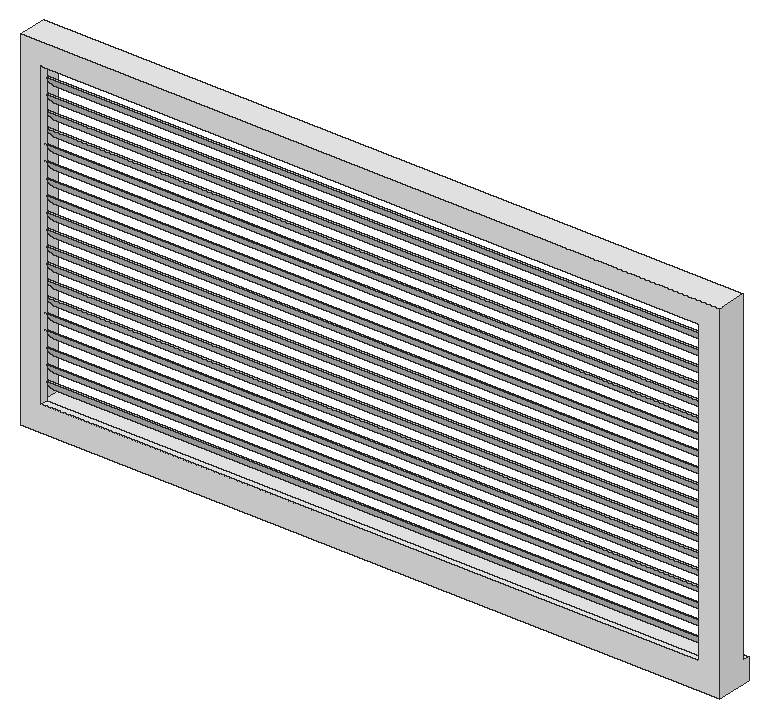
Revit family
Parameters
  Wrap Layers (Int) from Ext = 177.5 mm
  Wrap Layers (Ext) from Ext = 102.5 mm
  Vis - Cavity Closers = yes
  Type Comments = "AG"
  Rough Width = Width  # 2000.0 mm
  Rough Height = Height  # 1000.0 mm
  Operation = "SinglePanel"
  No of Louvre Blades = 20
  Material Louvres = Window Louvres
  Material Frame = Window Frame
  Manufacturer = "Revit"
  Louvre Blade Width = 50.0 mm
  Keynote = "L10"
  Height = 1000.0 mm
  Wall Closure = (empty or 0)
  Width = 2000.0 mm
  FrameOffset - External = 50.0 mm
  Frame Width = 40.0 mm
  Frame Depth = 65.0 mm
  Default Head Height = 4000.0 mm
  DONT CHANGE Louvre Length = Width - (2 * Frame Width)  # 1920.0 mm
  Cill Depth = 20.0 mm
  Cavity Closer Width = 50.0 mm
  Cavity Closer Offset from Ext = 102.5 mm
  Cavity Closer Depth = 85.0 mm
  Assembly Code = ""
Reference planes
  plane 1: y = 0
  plane 2 "Center (Left/Right)": x = -290
  plane 3 "Left": x = -1290
  plane 4 "Right": x = 710
  plane 5 "Cill": z = 4000
  plane 6 "Head": z = 5000
  plane 7 "Exterior": y = 158.457
  plane 8 "Interior": y = -141.543
  plane 9 "Back of Window": y = 43.457
  plane 10 "Wall Closure": y = 55.957
  plane 11 "Front Cill": y = 128.457
  plane 12 "Ext Leaf Back": y = 55.957
  plane 13 "Face Window": y = 108.457
  plane 14: y = -19.043
Forms (mm)
  Extrusion 1, solid, material "Window Frame" <- "Material Frame"
    sketch origin (-290, 0, 0) x (0, 1, 0) y (0, 0, 1)
      loop
        line (25.457, 4000) -> (128.457, 4000) -> (128.457, 4063) -> (43.457, 4063) -> (43.457, 4075) -> (25.457, 4075) -> (25.457, 4000)
    from 1000 to -1000
  Sweep 2, solid, material "Window Frame" <- "Material Frame"
    path origin (0, 43.457, 0) x (1, 0, 0) y (0, 0, 1)
      loop
        line (-1290, 4063) -> (-1290, 5000) -> (710, 5000) -> (710, 4063)
    profile origin (0, 0, 4531.5) x (-1, 0, 0) y (0, -1, 0)
      loop
        line (1290, -25.457) -> (1230, -25.457) -> (1230, -43.457) -> (1250, -43.457) -> (1250, -108.457) -> (1290, -108.457) -> (1290, -25.457)
Cuts and joins
  joined: Extrusion 1, Sweep 2
Lines and regions (mm)
  Opening 1
    outline origin (-5000, -141.543, 0) x (1, 0, 0) y (0, 0, 1)
      loop
        line (5710, 5000) -> (3710, 5000) -> (3710, 4000) -> (5710, 4000) -> (5710, 5000)
  symbolic lines, style "Windows"
    curve 1: line (-1290, 25.457, 0) -> (710, 25.457, 0)
    curve 2: line (-1290, 108.457, 0) -> (-1290, 25.457, 0)
    curve 3: line (710, 108.457, 0) -> (-1290, 108.457, 0)
    curve 4: line (710, 25.457, 0) -> (710, 108.457, 0)
    curve 5: line (-1250, 25.457, 0) -> (-1250, 108.457, 0)
    curve 6: line (670, 25.457, 0) -> (670, 108.457, 0)
  symbolic lines, style "Cavity Closer", visible <- "Vis - Cavity Closers", detail levels medium+fine
    curve 7: line (-1290, 55.957, 0) -> (-1340, 55.957, 0)
    curve 8: line (-1290, -29.043, 0) -> (-1290, 55.957, 0)
    curve 9: line (-1340, -29.043, 0) -> (-1290, -29.043, 0)
    curve 10: line (-1340, 55.957, 0) -> (-1340, -29.043, 0)
    curve 11: line (-1290, -29.043, 0) -> (-1340, 55.957, 0)
    curve 12: line (-1340, -29.043, 0) -> (-1290, 55.957, 0)
    curve 13: line (710, 55.957, 0) -> (760, 55.957, 0)
    curve 14: line (710, -29.043, 0) -> (710, 55.957, 0)
    curve 15: line (760, -29.043, 0) -> (710, -29.043, 0)
    curve 16: line (760, 55.957, 0) -> (760, -29.043, 0)
    curve 17: line (710, -29.043, 0) -> (760, 55.957, 0)
    curve 18: line (760, -29.043, 0) -> (710, 55.957, 0)
  symbolic lines, style "WindowsSillHeadProjection"
    curve 19: line (-1290, 128.457, 0) -> (-1290, 159.707, 0)
    curve 20: line (710, 159.707, 0) -> (710, 128.457, 0)
  symbolic lines
    curve 21: line (-1250, 80.79, 0) -> (670, 80.79, 0)
    curve 22: line (670, 53.123, 0) -> (-1250, 53.123, 0)
Text (mm)
  text "EXTERIOR" at (-1415.209, 454.062, 0), in view "Ref. Level"
  text "INTERIOR" at (-1415.209, -367.981, 0), in view "Ref. Level"
  text "Exterior" at (0, 923.751, 2943.296), in view "Right"
  text "Exterior" at (0, 1040.484, 2685.409), in view "Left"
Dimensions and locks
  equal spacing: plane 3 "Left", plane 2 "Center (Left/Right)", plane 4 "Right"
  "Width": plane 3 "Left" to plane 4 "Right"
  "Height": plane 5 "Cill" to plane 6 "Head"
  "Default Head Height": plane 5 "Cill" to level
  locked: plane 7 "Exterior" to host wall at 0
  locked: plane 8 "Interior" to host wall
  "Cavity Closer Offset from Ext": plane 12 "Ext Leaf Back" to plane 7 "Exterior"
  "Frame Depth": plane 9 "Back of Window" to plane 13 "Face Window"
  "FrameOffset - External": plane 13 "Face Window" to plane 7 "Exterior"
  locked: Extrusion 1 sketch curve to Extrusion 1 sketch curve at 18
  "Cavity Closer Depth": curve 7 to curve 9
  "Cavity Closer Width": curve 10 to plane 3 "Left"
  "Cavity Closer Depth": curve 13 to curve 15
  "Cavity Closer Width": plane 4 "Right" to curve 16
  "Cill Depth": plane 13 "Face Window" to plane 11 "Front Cill"
  "Wrap Layers (Ext) from Ext": plane 10 "Wall Closure" to plane 7 "Exterior"
  curve 1 to plane 13 "Face Window" = 83.0 mm
  "Frame Width": plane 3 "Left" to Sweep 2 sketch curve
  Sweep 2 sketch curve to Sweep 2 sketch curve = 20.0 mm
  locked: nested 3 to cut or joined group of Extrusion 1, Sweep 2 at 10
  equal spacing: group 2, group 20, group 19, group 18, group 17, group 16, group 15, group 14, group 13, group 12, group 11, group 10, group 9, group 8, group 7, group 6, group 5, group 4, group 3, group 1
  equal spacing: group 1, group 3, group 4, group 5, group 6, group 7, group 8, group 9, group 10, group 11, group 12, group 13, group 14, group 15, group 16, group 17, group 18, group 19, group 20, group 2  (x2)
  locked: nested 4 to cut or joined group of Extrusion 1, Sweep 2 at 10
  equal spacing: curve 3, curve 21, curve 22, curve 1
  "Wrap Layers (Int) from Ext": plane 14 to plane 7 "Exterior"
  aligned and locked: Extrusion 1 sketch curve to plane 9 "Back of Window"
  aligned and locked: Extrusion 1 sketch curve to plane 11 "Front Cill"
  aligned and locked: Extrusion 1 sketch curve to plane 5 "Cill"
  aligned and locked: plane 3 "Left" to Extrusion 1
  aligned and locked: Extrusion 1 to plane 4 "Right"
  aligned and locked: plane 13 "Face Window" to Sweep 2 sketch curve
  aligned and locked: plane 3 "Left" to nested 1
  aligned and locked: curve 8 to plane 3 "Left"
  aligned and locked: plane 4 "Right" to nested 2
  aligned and locked: curve 14 to plane 4 "Right"
  aligned and locked: curve 19 to cut or joined group of Extrusion 1, Sweep 2
  aligned and locked: cut or joined group of Extrusion 1, Sweep 2 to curve 20
  aligned and locked: nested 3 to cut or joined group of Extrusion 1, Sweep 2
  aligned and locked: nested 3 to plane 9 "Back of Window"
  aligned and locked: nested 4 to plane 9 "Back of Window"
  aligned and locked: cut or joined group of Extrusion 1, Sweep 2 to nested 4
  aligned and locked: curve 5 to cut or joined group of Extrusion 1, Sweep 2
  aligned and locked: curve 6 to cut or joined group of Extrusion 1, Sweep 2
  aligned and locked: nested 2 to plane 12 "Ext Leaf Back"
  aligned and locked: plane 12 "Ext Leaf Back" to curve 13
  aligned and locked: nested 1 to plane 12 "Ext Leaf Back"
  aligned and locked: plane 12 "Ext Leaf Back" to curve 7
Automatic sketch dimensions
  Extrusion 1 sketch curve to Extrusion 1 sketch curve = 12.0 mm
  Sweep 2 sketch curve to plane 3 "Left" = 0.0 mm
  Sweep 2 sketch curve to plane 4 "Right" = 0.0 mm
  Sweep 2 sketch curve to plane 6 "Head" = 0.0 mm
  Sweep 2 sketch curve to plane 5 "Cill" = 63.0 mm  (x2)
  Sweep 2 sketch curve to profile plane = 0.0 mm
  plane 9 "Back of Window" to Sweep 2 sketch curve = 18.0 mm
  Sweep 2 sketch curve to plane 9 "Back of Window" = 0.0 mm
  curve 3 to plane 3 "Left" = 0.0 mm
  curve 4 to plane 4 "Right" = 0.0 mm
  curve 3 to plane 13 "Face Window" = 0.0 mm
  host wall to curve 19 = 1.25 mm
  host wall to curve 20 = 1.25 mm
  Extrusion 1 sketch curve to plane 5 "Cill" = 63.0 mm
  curve 20 to plane 11 "Front Cill" = 0.0 mm
  curve 19 to plane 11 "Front Cill" = 0.0 mm
  curve 22 to plane 3 "Left" = 40.0 mm
  curve 21 to curve 22 = 0.0 mm  (x2)
  plane 4 "Right" to curve 22 = 40.0 mm
  Opening 1 sketch curve to plane 3 "Left" = 0.0 mm
  Opening 1 sketch curve to plane 4 "Right" = 0.0 mm
  Opening 1 sketch curve to plane 5 "Cill" = 0.0 mm
  Opening 1 sketch curve to plane 6 "Head" = 0.0 mm
Nested families
  nested 1: "UK_Cavity Closer" at (-1340, 55.957, 0), visible <- "Vis - Cavity Closers", type "UK_Cavity Closer", detail levels medium+fine
    with Closer Depth 85.0 mm
  nested 2: "UK_Cavity Closer" at (760, 55.957, 0) x (-1, 0, 0) z (0, 0, 1), visible <- "Vis - Cavity Closers", type "UK_Cavity Closer", detail levels medium+fine
    with Closer Depth 85.0 mm
  nested 3: "Plain Louvre Blade" at (-317.169, 68.92, 4102.243), type "Louvre Blade"
    with Length 1920.0 mm, Blade Width 50.0 mm
  nested 4: "Plain Louvre Blade" at (-317.169, 68.92, 4925), type "Louvre Blade"
    with Length 1920.0 mm, Blade Width 50.0 mm
  nested 5: "Plain Louvre Blade" at (-317.169, 68.92, 4145.546), type "Louvre Blade"
    with Length 1920.0 mm, Blade Width 50.0 mm
  nested 6: "Plain Louvre Blade" at (-317.169, 68.92, 4188.849), type "Louvre Blade"
    with Length 1920.0 mm, Blade Width 50.0 mm
  nested 7: "Plain Louvre Blade" at (-317.169, 68.92, 4232.152), type "Louvre Blade"
    with Length 1920.0 mm, Blade Width 50.0 mm
  nested 8: "Plain Louvre Blade" at (-317.169, 68.92, 4275.455), type "Louvre Blade"
    with Length 1920.0 mm, Blade Width 50.0 mm
  nested 9: "Plain Louvre Blade" at (-317.169, 68.92, 4318.758), type "Louvre Blade"
    with Length 1920.0 mm, Blade Width 50.0 mm
  nested 10: "Plain Louvre Blade" at (-317.169, 68.92, 4362.061), type "Louvre Blade"
    with Length 1920.0 mm, Blade Width 50.0 mm
  nested 11: "Plain Louvre Blade" at (-317.169, 68.92, 4405.364), type "Louvre Blade"
    with Length 1920.0 mm, Blade Width 50.0 mm
  nested 12: "Plain Louvre Blade" at (-317.169, 68.92, 4448.667), type "Louvre Blade"
    with Length 1920.0 mm, Blade Width 50.0 mm
  nested 13: "Plain Louvre Blade" at (-317.169, 68.92, 4491.97), type "Louvre Blade"
    with Length 1920.0 mm, Blade Width 50.0 mm
  nested 14: "Plain Louvre Blade" at (-317.169, 68.92, 4535.273), type "Louvre Blade"
    with Length 1920.0 mm, Blade Width 50.0 mm
  nested 15: "Plain Louvre Blade" at (-317.169, 68.92, 4578.576), type "Louvre Blade"
    with Length 1920.0 mm, Blade Width 50.0 mm
  nested 16: "Plain Louvre Blade" at (-317.169, 68.92, 4621.879), type "Louvre Blade"
    with Length 1920.0 mm, Blade Width 50.0 mm
  nested 17: "Plain Louvre Blade" at (-317.169, 68.92, 4665.182), type "Louvre Blade"
    with Length 1920.0 mm, Blade Width 50.0 mm
  nested 18: "Plain Louvre Blade" at (-317.169, 68.92, 4708.485), type "Louvre Blade"
    with Length 1920.0 mm, Blade Width 50.0 mm
  nested 19: "Plain Louvre Blade" at (-317.169, 68.92, 4751.788), type "Louvre Blade"
    with Length 1920.0 mm, Blade Width 50.0 mm
  nested 20: "Plain Louvre Blade" at (-317.169, 68.92, 4795.091), type "Louvre Blade"
    with Length 1920.0 mm, Blade Width 50.0 mm
  nested 21: "Plain Louvre Blade" at (-317.169, 68.92, 4838.394), type "Louvre Blade"
    with Length 1920.0 mm, Blade Width 50.0 mm
  nested 22: "Plain Louvre Blade" at (-317.169, 68.92, 4881.697), type "Louvre Blade"
    with Length 1920.0 mm, Blade Width 50.0 mm
Definition of nested family "Plain Louvre Blade"
  Parameters (values of type "Louvre Blade")
    Material Blade = none
    Length = 1200.0 mm
    Blade Width = 100.0 mm
    Assembly Code = ""
  Reference planes
    plane 1 "Center (Front/Back)": y = -0.463
    plane 2: z = 0
    plane 3 "Center (Left/Right)": x = 27.169
    plane 4: x = -572.831
    plane 5: x = 627.169
    plane 6: y = -50.463
    plane 7: y = 49.537
    plane 8: z = 50
    plane 9: z = -50
  Forms (mm)
    Extrusion 1, solid, material <- "Material Blade"
      sketch origin (27.169, 0, 0) x (0, 1, 0) y (0, 0, 1)
        loop
          line (-50.463, 50) -> (-50.463, 45.757) -> (49.537, -54.243) -> (49.537, -50) -> (-50.463, 50)
      from -600 to 600
  Dimensions and locks
    equal spacing: plane 4, plane 3 "Center (Left/Right)", plane 5
    "Length": plane 4 to plane 5
    equal spacing: plane 6, plane 1 "Center (Front/Back)", plane 7
    "Blade Width": plane 6 to plane 7
    "Blade Width": plane 9 to plane 8
    equal spacing: plane 9, plane 2, plane 8
    aligned and locked: Extrusion 1 to plane 5
    aligned and locked: plane 4 to Extrusion 1
    aligned and locked: plane 6 to Extrusion 1 sketch curve
  Automatic sketch dimensions
    Extrusion 1 sketch curve to plane 7 = 0.0 mm
    Extrusion 1 sketch curve to plane 9 = 0.0 mm
    Extrusion 1 sketch curve to plane 8 = 0.0 mm
    plane 8 to Extrusion 1 sketch curve = 4.243 mm
    plane 9 to Extrusion 1 sketch curve = 4.243 mm
Definition of nested family "UK_Cavity Closer"
  Parameters
    Closer Width = 50.0 mm
    Closer Depth = 75.0 mm
  Reference planes
    plane 1 "Center (Front/Back)": y = 0
    plane 2: z = 0
    plane 3 "Center (Left/Right)": x = 0
    plane 4: x = 50, in view "Ref. Level"
    plane 5: y = -75, in view "Ref. Level"
  Lines and regions (mm)
    Masking region 1, in view "Ref. Level"
      outline origin (0, 0, 0) x (1, 0, 0) y (0, 1, 0)
        loop
          line (0, 0) -> (0, -75) -> (50, -75) -> (50, 0) -> (0, 0)
  Dimensions and locks
    "Closer Width": plane 3 "Center (Left/Right)" to plane 4
    "Closer Depth": plane 5 to plane 1 "Center (Front/Back)"
  Automatic sketch dimensions
    Masking region 1 sketch curve to plane 3 "Center (Left/Right)" = 0.0 mm
    Masking region 1 sketch curve to plane 4 = 0.0 mm
    Masking region 1 sketch curve to plane 5 = 0.0 mm
    Masking region 1 sketch curve to plane 1 "Center (Front/Back)" = 0.0 mm
